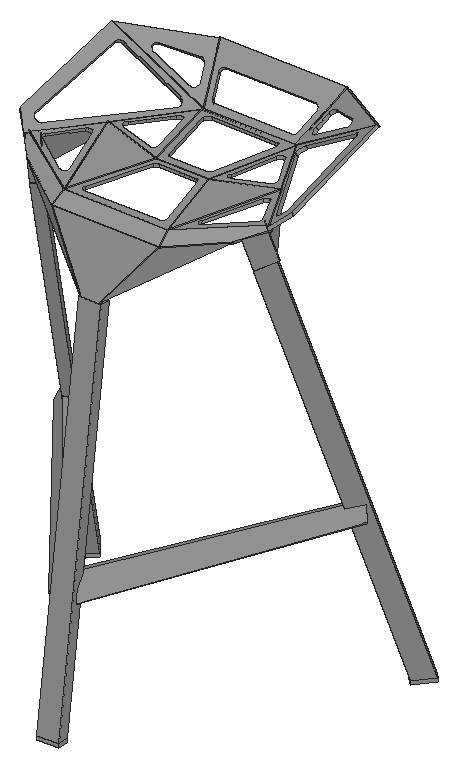
Revit family "SD494-SH74", category Furniture, Revit 2014
Reference planes
  plane 1 "Centro (Fronte/Retro)": y = 0
  plane 2: z = 0
  plane 3 "Centro (Sinistra/Destra)": x = 0
Dimensions and locks
  aligned and locked: level to plane 2
Nested families
  nested 1: "Stool One 74 Gambe" at (0, 0, 0), type "Stool One 74 Gambe"
  nested 2: "Stool One 74 Seduta" at (0, 0, 0), type "Stool One 74 Seduta"
Definition of nested family "Stool One 74 Gambe"
  Parameters (values of type "Stool One 74 Gambe")
    Gomma = Rubber, Natural
    ALU rosso 5085 = ALU rosso 5085
  Reference planes
    plane 1 "Centro (Fronte/Retro)": y = 0
    plane 2: z = 0
    plane 3 "Centro (Sinistra/Destra)": x = 0
    plane 4: through (4267.2, 125.21, 760.568) normal (0, -0.6907, 0.7231)
    plane 5: through (4267.2, -176.171, 662.934) normal (0, -0.788, 0.6157)
  Forms (mm)
    Sweep 1, solid, material "ALU rosso 5085" <- "ALU rosso 5085"
      path origin (29.315, -211.879, -263.49) x (0, 0.999999, -0.001705) y (0.122819, 0.001692, 0.992428)
        loop
          line (153.484, 5.777) -> (-97.688, 775.85)
      profile origin (77.315, -183.32, 124.316) x (-0.038085, -0.951231, -0.306121) y (0.992429, -0.000209, -0.122819)
        loop
          line (-252.578, -292.906) -> (-275.967, -313.238) -> (-264.289, -324.916) -> (-240.9, -304.585) -> (-252.578, -292.906)
    Sweep 2, solid, material "ALU rosso 5085" <- "ALU rosso 5085"
      path origin (-29.315, -211.879, -263.49) x (0, 0.999999, -0.001705) y (0.122819, -0.001692, -0.992428)
        loop
          line (153.484, -5.777) -> (-97.688, -775.85)
      profile origin (-77.315, -183.32, 124.316) x (-0.038085, 0.951231, 0.306121) y (-0.992429, -0.000209, -0.122819)
        loop
          line (252.578, -292.906) -> (240.9, -304.585) -> (264.289, -324.916) -> (275.967, -313.238) -> (252.578, -292.906)
    Sweep 3, solid, material "ALU rosso 5085" <- "ALU rosso 5085"
      path origin (0, 46.875, -106.562) x (0, 1, 0) y (0, 0, 1)
        loop
          line (-270.317, 5.813) -> (-176.803, 662.916)
      profile origin (0, -176.685, 227.802) x (0, -0.990025, 0.140894) y (1, 0, 0)
        loop
          line (30.443, -16.445) -> (46.709, -16.445) -> (46.709, 16.494) -> (30.443, 16.494) -> (30.443, -16.445)
    SweptBlend 4, solid, material "ALU rosso 5085" <- "ALU rosso 5085"
      path origin (13.322, 4.784, -107.722) x (0.089794, 0.99596, 0) y (0, 0, 1)
        loop
          line (-236.749, 318.723) -> (78.39, 374.29)
      profile origin (-7.937, -231.008, 211.001) x (-0.015592, -0.172947, 0.984808) y (0.99596, -0.089794, 0)
        loop
          line (-33.227, 20.071) -> (-5.321, 1.949) -> (-11.524, -11.352) -> (-4.273, -14.733) -> (4.868, 4.871) -> (-28.869, 26.78) -> (-33.227, 20.071)
      end profile origin (20.36, 82.857, 266.569) x (-0.015592, -0.172947, 0.984808) y (0.99596, -0.089794, 0)
        loop
          line (-22.202, 221.209) -> (-4.877, 209.078) -> (-15.99, 187.268) -> (-8.862, 183.636) -> (5.408, 211.643) -> (-17.613, 227.763) -> (-22.202, 221.209)
    SweptBlend 5, solid, material "ALU rosso 5085" <- "ALU rosso 5085"
      path origin (-13.322, 4.784, -107.722) x (-0.089794, 0.99596, 0) y (0, 0, -1)
        loop
          line (-236.749, -318.723) -> (78.39, -374.29)
      profile origin (7.937, -231.008, 211.001) x (-0.015592, 0.172947, -0.984808) y (-0.99596, -0.089794, 0)
        loop
          line (33.227, 20.071) -> (28.869, 26.78) -> (-4.868, 4.871) -> (4.273, -14.733) -> (11.524, -11.352) -> (5.321, 1.949) -> (33.227, 20.071)
      end profile origin (-20.36, 82.857, 266.569) x (-0.015592, 0.172947, -0.984808) y (-0.99596, -0.089794, 0)
        loop
          line (22.202, 221.209) -> (17.613, 227.763) -> (-5.408, 211.643) -> (8.862, 183.636) -> (15.99, 187.268) -> (4.877, 209.078) -> (22.202, 221.209)
    Sweep 6, solid, material "ALU rosso 5085" <- "ALU rosso 5085"
      path origin (-98.134, -19.779, -119.968) x (0, 0.999839, -0.017957) y (-0.137342, -0.017787, -0.990364)
        loop
          line (-77.659, -718.403) -> (-92.99, -765.081)
      profile origin (3.738, -91.896, 616.159) x (0.042855, 0.955468, 0.291966) y (-0.990524, 0.002466, 0.13732)
        loop
          line (6.566, 170.782) -> (18.959, 157.019) -> (42.848, 178.529) -> (30.456, 192.292) -> (6.566, 170.782)
    Extrusion 7, void
      sketch origin (0, 0, -100) x (1, 0, 0) y (0, 0, 1)
        loop
          line (-310.381, 105.831) -> (-310.381, -60.731) -> (324.619, -60.731) -> (324.619, 105.831) -> (-310.381, 105.831)
      from -261.21 to 350.826
    Extrusion 8, void
      sketch origin (0, 0, -100) x (1, 0, 0) y (0, 1, 0)
        loop
          line (28.356, -235.613) -> (-0.278, -198.039) -> (-28.592, -235.613) -> (28.356, -235.613)
      from 267.208 to 331.035
    Extrusion 9, void
      sketch origin (0, 0, -100) x (1, 0, 0) y (0, 1, 0)
        loop
          line (194.178, 62.929) -> (214.532, 42.574) -> (226.785, 57.705) -> (238.442, 48.265) -> (253.349, 66.674) -> (216.164, 96.785) -> (194.178, 62.929)
      from 321.423 to 389.232
    Extrusion 10, void
      sketch origin (0, 0, -100) x (-1, 0, 0) y (0, -1, 0)
        loop
          line (194.178, -62.929) -> (216.164, -96.785) -> (253.349, -66.674) -> (238.049, -47.78) -> (226.392, -57.22) -> (214.532, -42.574) -> (194.178, -62.929)
      from 321.423 to 389.232
    Extrusion 11, solid, material "Rubber, Natural" <- "Gomma"
      sketch origin (0, 14.219, 0) x (1, 0, 0) y (0, 1, 0)
        loop
          line (-16.436, -269.644) -> (16.494, -269.644) -> (16.494, -253.318) -> (-16.436, -253.318) -> (-16.436, -269.644)
      from 0 to 5.831
    Extrusion 12, solid, material "Rubber, Natural" <- "Gomma"
      sketch origin (12.422, -32.998, 0) x (1, 0, 0) y (0, 1, 0)
        loop
          line (-277.116, 179.254) -> (-256.664, 153.882) -> (-244.784, 165.762) -> (-265.236, 191.133) -> (-277.116, 179.254)
      from 0 to 5.831
    Extrusion 13, solid, material "Rubber, Natural" <- "Gomma"
      sketch origin (-12.344, -32.923, 0) x (-1, 0, 0) y (0, -1, 0)
        loop
          line (-277.116, -179.254) -> (-265.236, -191.133) -> (-244.784, -165.762) -> (-256.664, -153.882) -> (-277.116, -179.254)
      from 0 to 5.831
  Cuts and joins
    Extrusion 7 cuts Sweep 3
    Extrusion 7 cuts Sweep 2
    Extrusion 7 cuts Sweep 1
    Extrusion 8, Extrusion 9 cuts SweptBlend 4
    Extrusion 8, Extrusion 10 cuts SweptBlend 5
  Dimensions and locks
    aligned and locked: level to plane 2
Definition of nested family "Stool One 74 Seduta"
  Parameters (values of type "Stool One 74 Seduta")
    ALU rosso 5085 = ALU rosso 5085
  Reference planes
    plane 1 "Centro (Fronte/Retro)": y = 0
    plane 2: z = 0
    plane 3 "Centro (Sinistra/Destra)": x = 0
    plane 4: through (4267.2, 125.21, 760.568) normal (0, -0.6907, 0.7231)
    plane 5: through (4267.2, -176.171, 662.934) normal (0, -0.788, 0.6157)
  Forms (mm)
    Extrusion 1, solid, material "ALU rosso 5085" <- "ALU rosso 5085"
      sketch origin (0, -221.521, -120.869) x (1, 0, 0) y (0, 0.31688, 0.948466)
        loop
          line (-13.332, 662.934) -> (13.51, 662.934) -> (80.445, 754.863) -> (-80.122, 754.863) -> (-13.332, 662.934)
      from 167.396 to 173.338
    Extrusion 2, solid, material "ALU rosso 5085" <- "ALU rosso 5085"
      sketch origin (0, 411.17, 106.626) x (1, 0, 0) y (0, 0.823394, 0.56747)
        loop
          line (-80.497, -151.007) -> (80.94, -151.007) -> (78.14, -126.801) -> (-78.379, -126.801) -> (-80.497, -151.007)
      from 759.282 to 764.016
    Extrusion 3, solid, material "ALU rosso 5085" <- "ALU rosso 5085"
      sketch origin (0, 0, -113.067) x (1, 0, 0) y (0, 1, 0)
        loop
          line (-78.402, -126.793) -> (78.14, -126.793) -> (39.629, -2.473) -> (-40.393, -2.473) -> (-78.402, -126.793)
        loop
          line (-33.914, -16.13) -> (-62.06, -107.862)
          arc (-62.06, -107.862) -> (-61.164, -113.51) -> (-56.156, -116.271) r 6.508
          line (-56.156, -116.271) -> (56.174, -116.218)
          arc (56.174, -116.218) -> (61.381, -113.562) -> (62.291, -107.788) r 6.436
          line (62.291, -107.788) -> (33.994, -16.107)
          arc (33.994, -16.107) -> (31.743, -12.841) -> (28.029, -11.447) r 6.623
          line (28.029, -11.447) -> (-28.011, -11.537)
          arc (-28.011, -11.537) -> (-31.748, -12.824) -> (-33.914, -16.13) r 6.103
      from 772.789 to 776.823
    Extrusion 4, solid, material "ALU rosso 5085" <- "ALU rosso 5085"
      sketch origin (0, 5.031, -99.967) x (1, 0, 0) y (0, 0.999978, 0.006623)
        loop
          line (-40.393, -2.473) -> (39.629, -2.473) -> (70.944, 125.213) -> (-70.915, 125.213) -> (-40.393, -2.473)
        loop
          line (49.248, 114.097) -> (-49.23, 114.097)
          arc (-49.23, 114.097) -> (-54.306, 111.532) -> (-55.252, 105.925) r 6.305
          line (-55.252, 105.925) -> (-33.188, 13.956)
          arc (-33.188, 13.956) -> (-30.991, 10.606) -> (-27.165, 9.419) r 5.925
          line (-27.165, 9.419) -> (27.183, 9.374)
          arc (27.183, 9.374) -> (30.974, 10.642) -> (33.233, 13.938) r 6.284
          line (33.233, 13.938) -> (55.304, 105.905)
          arc (55.304, 105.905) -> (54.184, 111.411) -> (49.248, 114.097) r 6.652
      from 759.723 to 763.757
    Extrusion 5, solid, material "ALU rosso 5085" <- "ALU rosso 5085"
      sketch origin (4267.2, 125.21, 660.568) x (0, -0.723147, -0.690694) y (1, 0, 0)
        loop
          line (0.054, -4337.296) -> (0.054, -4197.073) -> (-88.396, -4171.471) -> (-88.396, -4362.977) -> (0.054, -4337.296)
        loop
          line (-57.172, -4199.405) -> (-57.172, -4334.977)
          arc (-57.172, -4334.977) -> (-54.289, -4340.325) -> (-48.237, -4340.856) r 6.402
          line (-48.237, -4340.856) -> (-16.782, -4331.284)
          arc (-16.782, -4331.284) -> (-13.492, -4329.074) -> (-11.993, -4325.405) r 6.796
          line (-11.993, -4325.405) -> (-11.924, -4208.977)
          arc (-11.924, -4208.977) -> (-13.289, -4205.152) -> (-16.77, -4203.061) r 6.03
          line (-16.77, -4203.061) -> (-48.224, -4193.485)
          arc (-48.224, -4193.485) -> (-54.092, -4194.338) -> (-57.172, -4199.405) r 6.961
      from 0 to 2.923
    Extrusion 6, solid, material "ALU rosso 5085" <- "ALU rosso 5085"
      sketch origin (59.63, 17.716, -100.217) x (0.99685, 0.001426, 0.079299) y (-0.00328, 0.999724, 0.023255)
        loop
          line (40.477, -2.289) -> (78.628, -125.451) -> (131.807, 20.483) -> (40.477, -2.289)
      from 759.356 to 763.457
    Extrusion 7, solid, material "ALU rosso 5085" <- "ALU rosso 5085"
      sketch origin (66.883, -11.342, -100.476) x (0.996176, 0.001297, 0.087364) y (0, 0.99989, -0.014839)
        loop
          line (39.429, -2.683) -> (130.684, 20.222) -> (70.578, 124.327) -> (39.429, -2.683)
        loop
          arc (82.687, 88.381) -> (75.641, 91.726) -> (69.804, 86.553) r 7.071
          line (69.804, 86.553) -> (54.193, 20.421)
          arc (54.193, 20.421) -> (55.656, 13.797) -> (62.161, 11.876) r 6.674
          line (62.161, 11.876) -> (109.022, 23.638)
          arc (109.022, 23.638) -> (114.576, 29.083) -> (113.822, 36.825) r 9.013
          line (113.822, 36.825) -> (82.687, 88.381)
      from 759.667 to 763.757
    Extrusion 8, solid, material "ALU rosso 5085" <- "ALU rosso 5085"
      sketch origin (115.859, 4.496, -111.524) x (0.988976, -0.001066, 0.148073) y (0.000259, 0.999985, 0.005468)
        loop
          line (76.383, -127.811) -> (180.93, -64.562) -> (130.661, 21.659) -> (76.383, -127.811)
        loop
          arc (98.592, -89.685) -> (99.981, -97.586) -> (107.967, -98.356) r 6.626
          line (107.967, -98.356) -> (162.309, -64.732)
          arc (162.309, -64.732) -> (164.931, -60.69) -> (164.232, -55.922) r 6.829
          line (164.232, -55.922) -> (139.05, -10.492)
          arc (139.05, -10.492) -> (132.913, -7.31) -> (127.129, -11.098) r 6.849
          line (127.129, -11.098) -> (98.592, -89.685)
      from 767.733 to 772.274
    Extrusion 9, solid, material "ALU rosso 5085" <- "ALU rosso 5085"
      sketch origin (398.835, 196.602, -40.874) x (0.860721, -0.141239, 0.489093) y (0, 0.960743, 0.27744)
        loop
          line (71.549, 126.015) -> (203.318, -57.603) -> (227.388, -33.533) -> (222.916, 138.026) -> (71.549, 126.015)
        loop
          line (93.869, 104.592) -> (194.919, -31.022)
          arc (194.919, -31.022) -> (204.198, -34.438) -> (211.07, -27.328) r 9.055
          line (211.07, -27.328) -> (202.534, 118.26)
          arc (202.534, 118.26) -> (199.495, 124.179) -> (193.073, 125.921) r 8.237
          line (193.073, 125.921) -> (100.905, 117.857)
          arc (100.905, 117.857) -> (93.781, 113.137) -> (93.869, 104.592) r 8.946
      from 764.206 to 768.569
    Extrusion 10, solid, material "ALU rosso 5085" <- "ALU rosso 5085"
      sketch origin (439.641, 422.627, -44.131) x (0.847432, -0.014336, 0.530711) y (-0.24269, 0.878618, 0.411256)
        loop
          line (66.15, 118.663) -> (218.201, 110.604) -> (118.744, 192.745) -> (66.15, 118.663)
        loop
          arc (116.447, 159.668) -> (110.253, 160.176) -> (105.153, 156.624) r 9.187
          line (105.153, 156.624) -> (92.164, 138.328)
          arc (92.164, 138.328) -> (92.167, 129.397) -> (99.739, 124.662) r 9.215
          line (99.739, 124.662) -> (154.991, 121.734)
          arc (154.991, 121.734) -> (163.679, 125.07) -> (160.958, 133.97) r 6.823
          line (160.958, 133.97) -> (116.447, 159.668)
      from 838.118 to 842.966
    Extrusion 11, solid, material "ALU rosso 5085" <- "ALU rosso 5085"
      sketch origin (-157.564, 383.689, 125.069) x (0.977701, 0.114002, -0.176364) y (0.002802, 0.832664, 0.553771)
        loop
          line (77, -126.186) -> (79.9, -150.485) -> (155.08, -104.53) -> (187.148, -70.278) -> (182.052, -65.182) -> (77, -126.186)
      from 759.966 to 764.721
    Extrusion 12, solid, material "ALU rosso 5085" <- "ALU rosso 5085"
      sketch origin (44.484, 53.82, -88.279) x (0.816191, 0.560518, -0.140184) y (0.188246, -0.02859, 0.981706)
        loop
          line (-243.888, 642.26) -> (-99.191, 762.104) -> (-186.733, 737.002) -> (-243.888, 642.26)
      from 86.815 to 90.123
    Extrusion 13, solid, material "ALU rosso 5085" <- "ALU rosso 5085"
      sketch origin (-59.63, 17.716, -100.217) x (-0.99685, 0.001426, 0.079299) y (-0.00328, -0.999724, -0.023255)
        loop
          line (40.477, 2.289) -> (131.807, -20.483) -> (78.628, 125.451) -> (40.477, 2.289)
      from 759.356 to 763.457
    Extrusion 14, solid, material "ALU rosso 5085" <- "ALU rosso 5085"
      sketch origin (-66.883, -11.342, -100.476) x (-0.996176, 0.001297, 0.087364) y (0, -0.99989, 0.014839)
        loop
          line (39.429, 2.683) -> (70.578, -124.327) -> (130.684, -20.222) -> (39.429, 2.683)
        loop
          line (82.687, -88.381) -> (113.822, -36.825)
          arc (113.822, -36.825) -> (114.576, -29.083) -> (109.022, -23.638) r 9.013
          line (109.022, -23.638) -> (62.161, -11.876)
          arc (62.161, -11.876) -> (55.656, -13.797) -> (54.193, -20.421) r 6.674
          line (54.193, -20.421) -> (69.804, -86.553)
          arc (69.804, -86.553) -> (75.641, -91.726) -> (82.687, -88.381) r 7.071
      from 759.667 to 763.757
    Extrusion 15, solid, material "ALU rosso 5085" <- "ALU rosso 5085"
      sketch origin (-115.859, 4.496, -111.524) x (-0.988976, -0.001066, 0.148073) y (0.000259, -0.999985, -0.005468)
        loop
          line (76.383, 127.811) -> (130.661, -21.659) -> (180.93, 64.562) -> (76.383, 127.811)
        loop
          line (98.592, 89.685) -> (127.129, 11.098)
          arc (127.129, 11.098) -> (132.913, 7.31) -> (139.05, 10.492) r 6.849
          line (139.05, 10.492) -> (164.232, 55.922)
          arc (164.232, 55.922) -> (164.931, 60.69) -> (162.309, 64.732) r 6.829
          line (162.309, 64.732) -> (107.967, 98.356)
          arc (107.967, 98.356) -> (99.981, 97.586) -> (98.592, 89.685) r 6.626
      from 767.733 to 772.274
    Extrusion 16, solid, material "ALU rosso 5085" <- "ALU rosso 5085"
      sketch origin (-398.835, 196.602, -40.874) x (-0.860721, -0.141239, 0.489093) y (0, -0.960743, -0.27744)
        loop
          line (71.549, -126.015) -> (222.916, -138.026) -> (227.388, 33.533) -> (203.318, 57.603) -> (71.549, -126.015)
        loop
          arc (93.869, -104.592) -> (93.781, -113.137) -> (100.905, -117.857) r 8.946
          line (100.905, -117.857) -> (193.073, -125.921)
          arc (193.073, -125.921) -> (199.495, -124.179) -> (202.534, -118.26) r 8.237
          line (202.534, -118.26) -> (211.07, 27.328)
          arc (211.07, 27.328) -> (204.198, 34.438) -> (194.919, 31.022) r 9.055
          line (194.919, 31.022) -> (93.869, -104.592)
      from 764.206 to 768.569
    Extrusion 17, solid, material "ALU rosso 5085" <- "ALU rosso 5085"
      sketch origin (-439.641, 422.627, -44.131) x (-0.847432, -0.014336, 0.530711) y (-0.24269, -0.878618, -0.411256)
        loop
          line (66.15, -118.663) -> (118.744, -192.745) -> (218.201, -110.604) -> (66.15, -118.663)
        loop
          line (116.447, -159.668) -> (160.958, -133.97)
          arc (160.958, -133.97) -> (163.679, -125.07) -> (154.991, -121.734) r 6.823
          line (154.991, -121.734) -> (99.739, -124.662)
          arc (99.739, -124.662) -> (92.167, -129.397) -> (92.164, -138.328) r 9.215
          line (92.164, -138.328) -> (105.153, -156.624)
          arc (105.153, -156.624) -> (110.253, -160.176) -> (116.447, -159.668) r 9.187
      from 838.118 to 842.966
    Extrusion 18, solid, material "ALU rosso 5085" <- "ALU rosso 5085"
      sketch origin (157.564, 383.689, 125.069) x (-0.977701, 0.114002, -0.176364) y (0.002802, -0.832664, -0.553771)
        loop
          line (77, 126.186) -> (182.052, 65.182) -> (187.148, 70.278) -> (155.08, 104.53) -> (79.9, 150.485) -> (77, 126.186)
      from 759.966 to 764.721
    Extrusion 19, solid, material "ALU rosso 5085" <- "ALU rosso 5085"
      sketch origin (-44.484, 53.82, -88.279) x (-0.816191, 0.560518, -0.140184) y (0.188246, 0.02859, -0.981706)
        loop
          line (-243.888, -642.26) -> (-186.733, -737.002) -> (-99.191, -762.104) -> (-243.888, -642.26)
      from 86.815 to 90.123
    Extrusion 20, solid, material "ALU rosso 5085" <- "ALU rosso 5085"
      sketch origin (198.611, 30.83, -111.933) x (-0.461634, 0.886997, 0.011403) y (-0.228636, -0.131393, 0.964604)
        loop
          line (-48.297, 730.201) -> (42.029, 768.06) -> (-55.534, 776.658) -> (-48.297, 730.201)
      from 137.979 to 142.109
    Sweep 21, solid, material "ALU rosso 5085" <- "ALU rosso 5085"
      path origin (98.134, -19.779, -119.968) x (0, 0.999839, -0.017957) y (-0.137342, 0.017787, 0.990364)
        loop
          line (-77.659, 718.403) -> (-92.99, 765.081)
      profile origin (-3.738, -91.896, 616.159) x (0.042855, -0.955468, -0.291966) y (0.990524, 0.002466, 0.13732)
        loop
          line (-6.566, 170.782) -> (-30.456, 192.292) -> (-42.848, 178.529) -> (-18.959, 157.019) -> (-6.566, 170.782)
    Extrusion 22, solid, material "ALU rosso 5085" <- "ALU rosso 5085"
      sketch origin (-198.611, 30.83, -111.933) x (0.461634, 0.886997, 0.011403) y (-0.228636, 0.131393, -0.964604)
        loop
          line (-48.297, -730.201) -> (-55.534, -776.658) -> (42.029, -768.06) -> (-48.297, -730.201)
      from 137.979 to 142.109
    Sweep 23, solid, material "ALU rosso 5085" <- "ALU rosso 5085"
      path origin (-98.134, -19.779, -119.968) x (0, 0.999839, -0.017957) y (-0.137342, -0.017787, -0.990364)
        loop
          line (-77.659, -718.403) -> (-92.99, -765.081)
      profile origin (3.738, -91.896, 616.159) x (0.042855, 0.955468, 0.291966) y (-0.990524, 0.002466, 0.13732)
        loop
          line (6.566, 170.782) -> (18.959, 157.019) -> (42.848, 178.529) -> (30.456, 192.292) -> (6.566, 170.782)
  Dimensions and locks
    aligned and locked: level to plane 2
